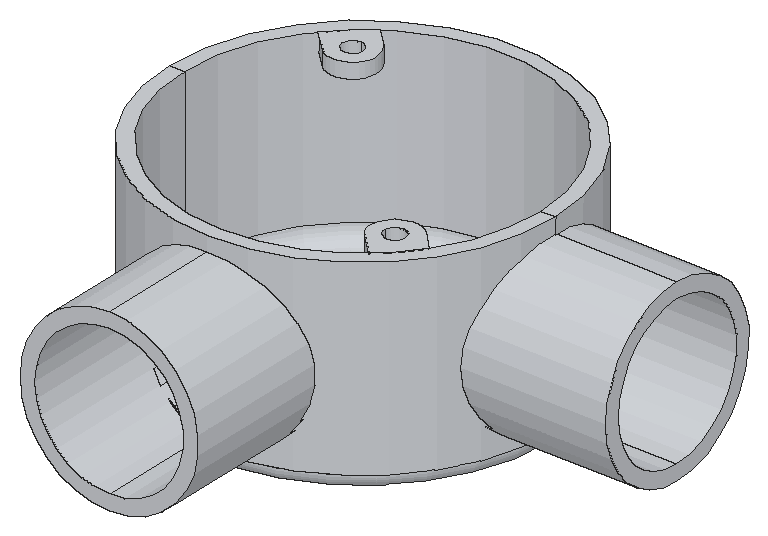
Revit family "MB10G", category Generic Models, Revit 2017
Family settings
  Can host rebar = No
  Round Connector Dimension = Use Diameter
  Part Type = Normal
  Work Plane-Based = Yes
  Always vertical = No
  Cut with Voids When Loaded = No
  Shared = No
  Room Calculation Point = No
Parameters (values of type "NBS Standard Parameters")
  Weight = "0.2695Kg"
  WarrantyStartDate [instance] = "1900-12-31T23:59:59"
  WarrantyGuarantorParts = "n/a"
  WarrantyGuarantorLabor = "n/a"
  WarrantyDurationUnit = "1 year"
  WarrantyDurationParts = "n/a"
  WarrantyDurationLabor = "n/a"
  WarrantyDescription = "n/a"
  Version = "1"
  Uniclass2 = "PR_65_70_11_20"
  TagNumber [instance] = "n/a"
  SustainabilityPerformance = "n/a"
  Size = "25mm"
  Shape = "Circular"
  SerialNumber [instance] = "n/a"
  Revision = "n/a"
  ReplacementCost = "n/a"
  ProductInformation = "www.metpro.co.uk/pdf/mb10g.pdf"
  NominalWidth = 66 mm
  NominalLength = 66 mm
  NominalHeight = 30 mm
  Name = ""
  NBSTypeID = ""
  NBSReference = "90-55-10-460"
  NBSOfficeMasterTag = ""
  NBSNote = ""
  NBSDescription = "Conduit Fittings"
  NBSCertification = ""
  ModelReference = "MB10G"
  ModelNumber = "n/a"
  Material = "Malleable Iron"
  ManufacturerURL = "www.metpro.co.uk"
  ManufacturerName = "Metpro Ltd"
  Keynote = "Compliant to LU standard 1-085"
  InstallationDate [instance] = "1900-12-31T23:59:59"
  IfcExportType = ""
  IfcExportAs = ""
  Grade = "n/a"
  Finish = "Galvanised"
  Features = "n/a"
  ExpectedLife = "n/a"
  DurationUnit = "year"
  Description = "MB10G  -25mm Angle Malleable Conduit Box"
  Default Elevation = 1219.2 mm
  Constituents = "n/a"
  Color = "n/a"
  CodePerformance = "n/a"
  Category = "n/a"
  BarCode [instance] = "n/a"
  BIMObjectName = "Role_Source_Type_Generic"
  Author = "Metpro Ltd"
  AssetType = ""
  AssetIdentifier [instance] = "n/a"
  AccessibilityPerformance = "n/a"
Reference planes
  plane 1 "Center (Front/Back)": y = 0
  plane 2: z = 0
  plane 3 "Center (Left/Right)": x = 0
Forms (mm)
  Revolve 1, solid
    sketch origin (-49.105, 8.815, -7.002) x (1, 0, 0) y (0, 0, 1)
      loop
        line (-32.5, 44.541) -> (-32.5, 12.5)
        arc (-32.5, 12.5) -> (-31.768, 10.732) -> (-30, 10) r 2.5
        line (-30, 10) -> (0, 10) -> (0, 12.541) -> (-27, 12.541)
        arc (-27, 12.541) -> (-29.121, 13.42) -> (-30, 15.541) r 3
        line (-30, 15.541) -> (-30, 44.541) -> (-32.5, 44.541)
      axis (0, 10) -> (0, 44.541)
    angle from 0 to 360
  Extrusion 2, solid
    sketch origin (-49.105, 8.815, 37.539) x (0, 1, 0) y (-1, 0, 0)
      loop
        arc (-13.805, -21.577) -> (-13.887, -16.02) -> (-19.441, -15.821) r 4.033
        line (-19.441, -15.821) -> (-22.946, -19.326)
        arc (-22.946, -19.326) -> (-20.14, -22.235) -> (-16.968, -24.74) r 30
        line (-16.968, -24.74) -> (-13.805, -21.577)
      loop
        circle (-16.769, -18.842) r 1.752
      loop
        line (21.577, 13.805) -> (24.74, 16.968)
        arc (24.74, 16.968) -> (22.235, 20.14) -> (19.326, 22.946) r 30
        line (19.326, 22.946) -> (15.821, 19.441)
        arc (15.821, 19.441) -> (16.02, 13.887) -> (21.577, 13.805) r 4.033
      loop
        circle (18.842, 16.769) r 1.752
    from -2.5 to 0
  Extrusion 3, void
    sketch origin (-49.105, 8.815, -7.002) x (0, 0, 1) y (0, -1, 0)
      loop
        circle (27.129, 0.168) r 12.5
    from -4.356 to 66.813
  Extrusion 4, solid
    sketch origin (-47.605, 8.815, -5.752) x (0, 0, 1) y (0, -1, 0)
      loop
        circle (25.879, 0.168) r 15
      loop
        circle (25.879, 0.168) r 12.5
    from 24.792 to 51.5
  Extrusion 5, void
    sketch origin (-49.105, 8.815, 37.539) x (-1, 0, 0) y (0, 1, 0)
      loop
        arc (-24.74, -16.968) -> (-23.988, 0) -> (-24.74, 16.968) r 191.761
        arc (-24.74, 16.968) -> (-30, 0) -> (-24.74, -16.968) r 30
    from 0 to 54.579
  Extrusion 6, solid
    sketch origin (-49.105, 7.315, -5.752) x (0, 0, 1) y (-1, 0, 0)
      loop
        circle (25.879, 0.168) r 15
      loop
        circle (25.879, 0.168) r 12.5
    from 24.792 to 51.5
  Extrusion 7, void
    sketch origin (-49.105, -44.185, -5.752) x (0, 0, -1) y (-1, 0, 0)
      loop
        circle (-25.879, 0.168) r 12.5
    from 0 to 67.194
  Extrusion 8, void
    sketch origin (-49.105, 8.815, 37.539) x (-1, 0, 0) y (0, 1, 0)
      loop
        arc (-15.258, -25.83) -> (0, -30) -> (15.258, -25.83) r 30
        arc (15.258, -25.83) -> (0, -23.865) -> (-15.258, -25.83) r 60.222
    from 0 to 31.709
Cuts and joins
  Extrusion 3, Extrusion 7 cuts Revolve 1
  Extrusion 5 cuts Extrusion 4
  Extrusion 7, Extrusion 8 cuts Extrusion 6
Dimensions and locks
  aligned and locked: level to plane 2
